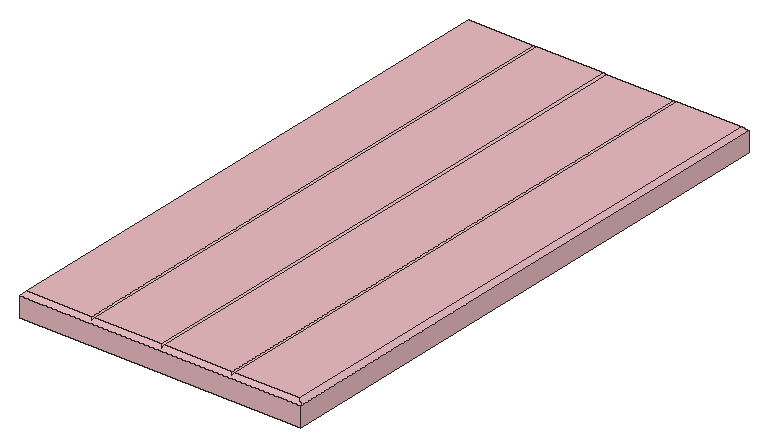
Revit family "LONGITUDE 2ft x 4ft", category Specialty Equipment, Revit 2023
Family settings
  Round Connector Dimension = Use Diameter
  Part Type = Normal
  OmniClass Number = 23.35.00.00
  OmniClass Title = Covering, Cladding, and Finishes
  Work Plane-Based = Yes
  Enable Cutting in Views = Yes
  Always vertical = No
  Cut with Voids When Loaded = No
  Maintain Annotation Orientation = No
  Shared = No
  Room Calculation Point = No
Parameters (values of type "2 INCH THICK - CUSTOM PAINTED - STANDARD")
  URL = "https://www.acousticalsurfaces.com/envirocoustic-wood-wool/designs/"
  Type Comments = "Acoustic panels for vertical and horizontal surfaces"
  Thickness = 0' - 2"
  Recycled Content Percentage = "0%"
  Model = "Envirocoustic Wood Wool"
  Material = "Envirocoustic Wood Wool"
  Manufacturer = "Acoustical Surfaces, Inc."
  Fire Rating = "ASTM E84 - Class A"
  Finish = Paint - Acoustical-Surfaces - Custom Painted
  Description = "Acoustic Panels"
  Default Elevation = 0' - 0"
  Backer Thickness = 0' - 1"
  Backer = no
  Assembly Code = "C30"
  Acoustics - NRC = "Sound absorption varies from NRC 0.45 to 0.95 based on installation method used when tested per ASTM C423."
Types (27): name | Thickness | Finish | Backer Thickness | Backer
  2 INCH THICK - CUSTOM PAINTED - STANDARD | 0' - 2" | Paint - Acoustical-Surfaces - Custom Painted | 0' - 1" | no
  2 INCH THICK - PRIMED WHITE - STANDARD | 0' - 2" | Paint - Acoustical-Surfaces - Primed White | 0' - 1" | no
  2 INCH THICK - PRIMED CLEAR - STANDARD | 0' - 2" | Paint - Acoustical-Surfaces - Primed Clear | 0' - 1" | no
  2 INCH THICK - PRIMED WHITE - 2 INCH CFAB BACKER | 0' - 2" | Paint - Acoustical-Surfaces - Primed White | 0' - 2" | yes
  2 INCH THICK - PRIMED WHITE - 1 INCH CFAB BACKER | 0' - 2" | Paint - Acoustical-Surfaces - Primed White | 0' - 1" | yes
  2 INCH THICK - PRIMED CLEAR - 2 INCH CFAB BACKER | 0' - 2" | Paint - Acoustical-Surfaces - Primed Clear | 0' - 2" | yes
  2 INCH THICK - PRIMED CLEAR - 1 INCH CFAB BACKER | 0' - 2" | Paint - Acoustical-Surfaces - Primed Clear | 0' - 1" | yes
  2 INCH THICK - CUSTOM PAINTED - 2 INCH CFAB BACKER | 0' - 2" | Paint - Acoustical-Surfaces - Custom Painted | 0' - 2" | yes
  2 INCH THICK - CUSTOM PAINTED - 1 INCH CFAB BACKER | 0' - 2" | Paint - Acoustical-Surfaces - Custom Painted | 0' - 1" | yes
  1-3/8 INCH THICK - CUSTOM PAINTED - STANDARD | 0' - 1 3/8" | Paint - Acoustical-Surfaces - Custom Painted | 0' - 1" | no
  1-3/8 INCH THICK - PRIMED WHITE - STANDARD | 0' - 1 3/8" | Paint - Acoustical-Surfaces - Primed White | 0' - 1" | no
  1-3/8 INCH THICK - PRIMED CLEAR - STANDARD | 0' - 1 3/8" | Paint - Acoustical-Surfaces - Primed Clear | 0' - 1" | no
  1-3/8 INCH THICK - PRIMED WHITE - 2 INCH CFAB BACKER | 0' - 1 3/8" | Paint - Acoustical-Surfaces - Primed White | 0' - 2" | yes
  1-3/8 INCH THICK - PRIMED WHITE - 1 INCH CFAB BACKER | 0' - 1 3/8" | Paint - Acoustical-Surfaces - Primed White | 0' - 1" | yes
  1-3/8 INCH THICK - PRIMED CLEAR - 2 INCH CFAB BACKER | 0' - 1 3/8" | Paint - Acoustical-Surfaces - Primed Clear | 0' - 2" | yes
  1-3/8 INCH THICK - PRIMED CLEAR - 1 INCH CFAB BACKER | 0' - 1 3/8" | Paint - Acoustical-Surfaces - Primed Clear | 0' - 1" | yes
  1-3/8 INCH THICK - CUSTOM PAINTED - 2 INCH CFAB BACKER | 0' - 1 3/8" | Paint - Acoustical-Surfaces - Custom Painted | 0' - 2" | yes
  1-3/8 INCH THICK - CUSTOM PAINTED - 1 INCH CFAB BACKER | 0' - 1 3/8" | Paint - Acoustical-Surfaces - Custom Painted | 0' - 1" | yes
  1 INCH THICK - CUSTOM PAINTED - STANDARD | 0' - 1" | Paint - Acoustical-Surfaces - Custom Painted | 0' - 1" | no
  1 INCH THICK - PRIMED WHITE - STANDARD | 0' - 1" | Paint - Acoustical-Surfaces - Primed White | 0' - 1" | no
  1 INCH THICK - PRIMED CLEAR - STANDARD | 0' - 1" | Paint - Acoustical-Surfaces - Primed Clear | 0' - 1" | no
  1 INCH THICK - PRIMED WHITE - 2 INCH CFAB BACKER | 0' - 1" | Paint - Acoustical-Surfaces - Primed White | 0' - 2" | yes
  1 INCH THICK - PRIMED WHITE - 1 INCH CFAB BACKER | 0' - 1" | Paint - Acoustical-Surfaces - Primed White | 0' - 1" | yes
  1 INCH THICK - PRIMED CLEAR - 2 INCH CFAB BACKER | 0' - 1" | Paint - Acoustical-Surfaces - Primed Clear | 0' - 2" | yes
  1 INCH THICK - PRIMED CLEAR - 1 INCH CFAB BACKER | 0' - 1" | Paint - Acoustical-Surfaces - Primed Clear | 0' - 1" | yes
  1 INCH THICK - CUSTOM PAINTED - 2 INCH CFAB BACKER | 0' - 1" | Paint - Acoustical-Surfaces - Custom Painted | 0' - 2" | yes
  1 INCH THICK - CUSTOM PAINTED - 1 INCH CFAB BACKER | 0' - 1" | Paint - Acoustical-Surfaces - Custom Painted | 0' - 1" | yes
Reference planes (in)
  plane 1 "Center (Front/Back)": y = 0
  plane 2: z = 0
  plane 3 "Center (Left/Right)": x = 0
  plane 4: x = -12
  plane 5: x = 12
  plane 6: y = 24
  plane 7: y = -24
  plane 8: z = 2
  plane 9: z = -1
Forms (in)
  Extrusion 1, solid, material "Paint - Acoustical-Surfaces - Custom Painted" <- "Finish"
    sketch origin (0, 0, 0) x (1, 0, 0) y (0, 1, 0)
      loop
        line (12, 24) -> (-12, 24) -> (-12, -24) -> (12, -24) -> (12, 24)
    from 0 to 2
  Sweep 2, void
    path in 3D
      loop
        line (12, 24, 2) -> (-12, 24, 2) -> (-12, -24, 2) -> (12, -24, 2) -> (12, 24, 2)
    profile "Triangle : Family2" origin (12, 0, 2) x (-1, 0, 0) y (0, 0, 1)
      loop
        line (0, 0) -> (0, -0.315) -> (0.315, 0) -> (0, 0)
  Extrusion 3, solid, visible <- "Backer"
    sketch origin (0, 0, 0) x (1, 0, 0) y (0, 1, 0)
      loop
        line (12, 24) -> (-12, 24) -> (-12, -24) -> (12, -24) -> (12, 24)
    from 0 to -1
  Sweep 4, void
    path origin (0, 0, 2) x (1, 0, 0) y (0, 1, 0)
      loop
        line (-6.00002, 24) -> (-6.00002, -24)
    profile "Groove : Family2" origin (-6.00002, 0, 2) x (1, 0, 0) y (0, 0, 1)
      loop
        line (-0.1575, 0) -> (0, -0.1575) -> (0.1575, 0) -> (-0.1575, 0)
  Sweep 5, void
    path origin (6.00002, 0, 2) x (1, 0, 0) y (0, 1, 0)
      loop
        line (-6.00002, 24) -> (-6.00002, -24)
    profile "Groove : Family2" origin (0, 0, 2) x (1, 0, 0) y (0, 0, 1)
      loop
        line (-0.1575, 0) -> (0, -0.1575) -> (0.1575, 0) -> (-0.1575, 0)
  Sweep 6, void
    path origin (12.00004, 0, 2) x (1, 0, 0) y (0, 1, 0)
      loop
        line (-6.00002, 24) -> (-6.00002, -24)
    profile "Groove : Family2" origin (6.00002, 0, 2) x (1, 0, 0) y (0, 0, 1)
      loop
        line (-0.1575, 0) -> (0, -0.1575) -> (0.1575, 0) -> (-0.1575, 0)
Cuts and joins
  Sweep 2, Sweep 4, Sweep 5, Sweep 6 cuts Extrusion 1
Lines and regions (in)
  sketch lines
    curve 1: line (12, -24, 2) -> (12, 24, 2)
    curve 2: line (-12, -24, 2) -> (12, -24, 2)
    curve 3: line (-12, 24, 2) -> (-12, -24, 2)
    curve 4: line (12, 24, 2) -> (-12, 24, 2)
Dimensions and locks (in)
  equal spacing: plane 4, plane 3 "Center (Left/Right)", plane 5
  equal spacing: plane 7, plane 1 "Center (Front/Back)", plane 6
  plane 7 to plane 6 = 4' - 0"
  locked: plane 4 to plane 5 at 24
  "Thickness": plane 8 to level
  "Backer Thickness": level to plane 9
  aligned and locked: level to plane 2
  aligned and locked: Extrusion 1 sketch curve to plane 4
  aligned and locked: plane 5 to Extrusion 1 sketch curve
  aligned and locked: Extrusion 1 sketch curve to plane 6
  aligned and locked: Extrusion 1 sketch curve to plane 7
  aligned and locked: Extrusion 1 to plane 8
  aligned and locked: Extrusion 3 sketch curve to plane 4
  aligned and locked: plane 5 to Extrusion 3 sketch curve
  aligned and locked: Extrusion 3 sketch curve to plane 6
  aligned and locked: Extrusion 3 sketch curve to plane 7
  aligned and locked: plane 9 to Extrusion 3
Automatic sketch dimensions
  Extrusion 1 to Sweep 4 sketch curve = 0' - 0"
  Sweep 4 sketch curve to Extrusion 1 = 0' - 0"
  Sweep 4 sketch curve to Extrusion 1 = 0' - 6"
  Extrusion 1 to Sweep 5 sketch curve = 0' - 0"
  Sweep 5 sketch curve to Extrusion 1 = 0' - 0"
  Sweep 5 sketch curve to Extrusion 1 = 1' - 0"
  Extrusion 1 to Sweep 6 sketch curve = 0' - 0"
  Sweep 6 sketch curve to Extrusion 1 = 0' - 0"
  Sweep 6 sketch curve to Extrusion 1 = 0' - 5.99998"
